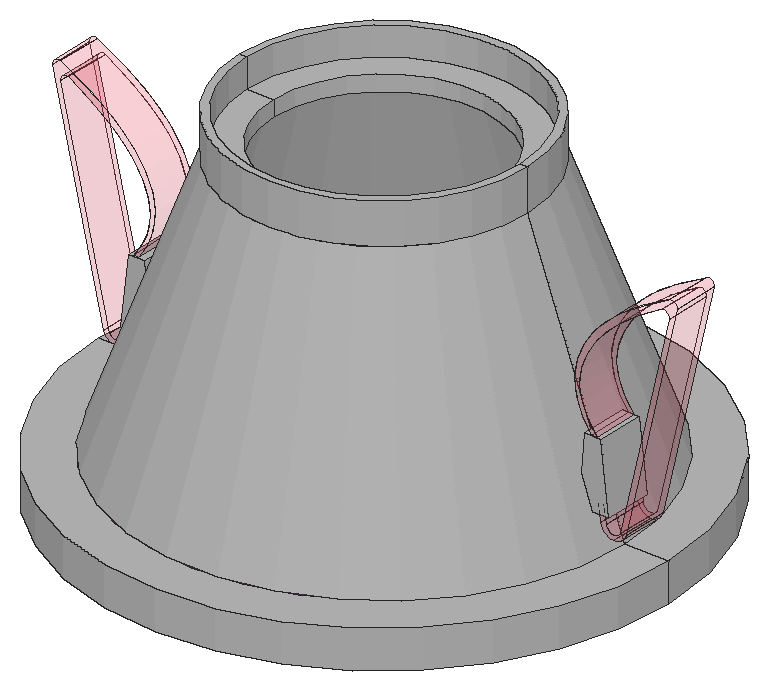
Revit family "LAMP_MOODY RFL. ROUND 100 FX IP55", category Modelos genéricos, Revit 2015
Parameters (values of type "BLACK FINISH")
  Weight = 0.036 kg
  Recessed diameter = 95 mm
  Product datasheet = "https://www.lamp.es/product-files/TECH/MORFRD100FX55B-EN.pdf"
  Product code = "MORFRD100FX55B"
  Product URL = "https://www.lamp.es/en/family/moody_33323"
  Modelo = Product code  # "MORFRD100FX55B"
  Material cristal = Vidrio
  Material Reflector = LAMP_PC Reflector Moody NG
  Material Muelle Emp. = LAMP_Acero genérico
  Manufacturer name = "LAMP"
  Manufacturer country = "Spain"
  Manufacturer URL = "http://www.lamp.es/en"
  Last update = "29/08/2019"
  Installation instructions = ""
  Finish = "Matt black"
  Fabricante = Manufacturer name  # "LAMP"
  Diameter = 100 mm
  Descripción = "MOODY ACC. RFL. ROUND 100 FX IP55 BK."
  Accessory Type = "Assembly"
Types (2, lengths in mm): name | Product datasheet | Product code | Modelo | Material Reflector | Finish | Descripción
  WHITE FINISH | "https://www.lamp.es/product-files/TECH/MORFRD100FX55W-EN.pdf" | "MORFRD100FX55W" | "MORFRD100FX55W" | LAMP_PC Reflector Moody BL | "Matt white" | "MOODY ACC. RFL. ROUND 100 FX IP55 WH."
  BLACK FINISH | "https://www.lamp.es/product-files/TECH/MORFRD100FX55B-EN.pdf" | "MORFRD100FX55B" | "MORFRD100FX55B" | LAMP_PC Reflector Moody NG | "Matt black" | "MOODY ACC. RFL. ROUND 100 FX IP55 BK."
Reference planes
  plane 1 "Centro (Frontal/Posterior)": y = 0
  plane 2: z = 0
  plane 3 "Centro (Izquierda/Derecha)": x = 0
  plane 4 "Techo": z = 4000
Forms (mm)
  Revolve 1, solid, material "LAMP_PC Reflector Moody NG" <- "Material Reflector"
    sketch origin (0, 0, 261.5) x (1, 0, 0) y (0, 0, 1)
      loop
        line (-26.8, 3795) -> (-26.8, 3787.4) -> (-44.8, 3738.5) -> (-53, 3738.5) -> (-53, 3731.4) -> (-43.4, 3731.4) -> (-43.4, 3737.815) -> (-25.4, 3786.715) -> (-20.4, 3786.715) -> (-20.4, 3789.672) -> (-25.4, 3789.672) -> (-25.4, 3795) -> (-26.8, 3795)
      axis (0, 3731.4) -> (0, 3795)
    angle from 0 to 360
  Extrusion 2, solid, material "LAMP_PC Reflector Moody NG" <- "Material Reflector"
    sketch origin (0, 0, 261.5) x (1, 0, 0) y (0, 0, 1)
      loop
        line (-42.407, 3745) -> (-40.284, 3750.769) -> (-40.873, 3757.5) -> (-43.873, 3757.5) -> (-45.407, 3745) -> (-42.407, 3745)
    from 4.4 to -4.4
  Extrusion 3, solid, material "LAMP_PC Reflector Moody NG" <- "Material Reflector"
    sketch origin (0, 0, 261.5) x (-1, 0, 0) y (0, 0, -1)
      loop
        line (-42.407, -3745) -> (-45.407, -3745) -> (-43.873, -3757.5) -> (-40.873, -3757.5) -> (-40.284, -3750.769) -> (-42.407, -3745)
    from 4.4 to -4.4
  Extrusion 4, solid, material "LAMP_Acero genérico" <- "Material Muelle Emp."
    sketch origin (0, 0, 261.5) x (1, 0, 0) y (0, 0, 1)
      loop
        line (-43.449, 3746.955) -> (-44.442, 3747.077) -> (-44.86, 3743.673)
        arc (-44.86, 3743.673) -> (-46.011, 3742.395) -> (-47.607, 3743.039) r 1.5
        line (-47.607, 3743.039) -> (-56.587, 3781.935)
        arc (-56.587, 3781.935) -> (-56.25, 3782.912) -> (-55.225, 3783.038) r 0.975
        spline (-55.225, 3783.038) -> (-51.331, 3780.738) -> (-48.069, 3778.431) -> (-45.409, 3776.129) -> (-43.316, 3773.842) -> (-41.759, 3771.583) -> (-40.706, 3769.362) -> (-40.125, 3767.192) -> (-39.983, 3765.084) -> (-40.248, 3763.049) -> (-40.888, 3761.099) -> (-41.87, 3759.246) -> (-43.162, 3757.5)
        line (-43.162, 3757.5) -> (-42.155, 3757.5)
        spline (-42.155, 3757.5) -> (-40.805, 3759.492) -> (-39.803, 3761.59) -> (-39.185, 3763.778) -> (-38.986, 3766.043) -> (-39.241, 3768.371) -> (-39.985, 3770.746) -> (-41.254, 3773.156) -> (-43.082, 3775.585) -> (-45.504, 3778.019) -> (-48.557, 3780.445) -> (-52.274, 3782.848) -> (-56.692, 3785.214)
        arc (-56.692, 3785.214) -> (-57.717, 3785.088) -> (-58.053, 3784.112) r 0.975
        line (-58.053, 3784.112) -> (-48.597, 3743.153)
        arc (-48.597, 3743.153) -> (-47.735, 3741.824) -> (-46.22, 3741.36) r 2.317
        arc (-46.22, 3741.36) -> (-44.644, 3742.027) -> (-43.867, 3743.552) r 2.5
        line (-43.867, 3743.552) -> (-43.449, 3746.955)
    from 4.3 to -4.3
  Extrusion 5, solid, material "LAMP_Acero genérico" <- "Material Muelle Emp."
    sketch origin (0, 0, 261.5) x (-1, 0, 0) y (0, 0, -1)
      loop
        line (-43.449, -3746.955) -> (-43.867, -3743.552)
        arc (-43.867, -3743.552) -> (-44.644, -3742.027) -> (-46.22, -3741.36) r 2.5
        arc (-46.22, -3741.36) -> (-47.735, -3741.824) -> (-48.597, -3743.153) r 2.317
        line (-48.597, -3743.153) -> (-58.053, -3784.112)
        arc (-58.053, -3784.112) -> (-57.717, -3785.088) -> (-56.692, -3785.214) r 0.975
        spline (-56.692, -3785.214) -> (-52.274, -3782.848) -> (-48.557, -3780.445) -> (-45.504, -3778.019) -> (-43.082, -3775.585) -> (-41.254, -3773.156) -> (-39.985, -3770.746) -> (-39.241, -3768.371) -> (-38.986, -3766.043) -> (-39.185, -3763.778) -> (-39.803, -3761.59) -> (-40.805, -3759.492) -> (-42.155, -3757.5)
        line (-42.155, -3757.5) -> (-43.162, -3757.5)
        spline (-43.162, -3757.5) -> (-41.87, -3759.246) -> (-40.888, -3761.099) -> (-40.248, -3763.049) -> (-39.983, -3765.084) -> (-40.125, -3767.192) -> (-40.706, -3769.362) -> (-41.759, -3771.583) -> (-43.316, -3773.842) -> (-45.409, -3776.129) -> (-48.069, -3778.431) -> (-51.331, -3780.738) -> (-55.225, -3783.038)
        arc (-55.225, -3783.038) -> (-56.25, -3782.912) -> (-56.587, -3781.935) r 0.975
        line (-56.587, -3781.935) -> (-47.607, -3743.039)
        arc (-47.607, -3743.039) -> (-46.011, -3742.395) -> (-44.86, -3743.673) r 1.5
        line (-44.86, -3743.673) -> (-44.442, -3747.077) -> (-43.449, -3746.955)
    from 4.3 to -4.3
  Revolve 6, solid, material "Vidrio" <- "Material cristal"
    sketch origin (0, 0, 0) x (1, 0, 0) y (0, 0, 1)
      loop
        line (-43.4, 4000) -> (-43.4, 3992.9) -> (0, 3992.9) -> (0, 4000) -> (-43.4, 4000)
      axis (0, 4000) -> (0, 3992.9)
    angle from 0 to 360
Text (mm)
  text "Any modification of the parameters and properties of the LAMP BIM models must be executed and validated by the LAMP technical department.\n\nPhone: +34 93 736 68 00\n\nE-mail: lamp@lamp.es\n\n\n\nLAMP reserves the right to modify the technical specifications of its products." at (33202.523, -81795.747, 28817.955), in view "Preview"
Dimensions and locks
  equal spacing: host sketch curve, plane 3 "Centro (Izquierda/Derecha)", host sketch curve
  equal spacing: host sketch curve, plane 1 "Centro (Frontal/Posterior)", host sketch curve
  host sketch curve to host sketch curve = 4000 mm  (x2)
  plane 4 "Techo" to host ceiling = 0 mm
